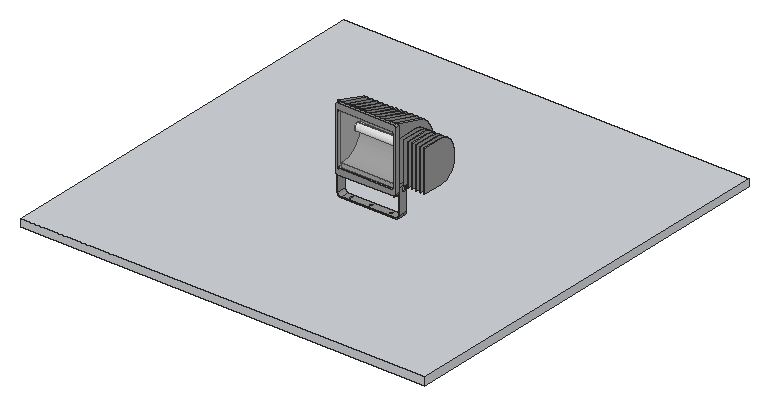
Revit family "ARRN", category Lighting Fixtures, host Face, Revit 2014
Parameters (values of type "EVOD")
  Wings = Paint - Hubbell - Light Silver
  Width = 280.00 mm
  Watts = 150 W
  Wattage Comments = "150W"
  Wattage = 150 W
  Warranty = "5 years Warranty"  # constant formula
  built-in parameter 1150110 = 1 (stored number, unit not read)
  Voltage = 120 V
  URL = "https://www.hubbell.com/chalmit/en"
  built-in parameter 1114217 = 1 (stored number, unit not read)
  Tilt Angle = 0.00°  # constant formula
  built-in parameter 1150109 = 1 (stored number, unit not read)
  built-in parameter 1150134 = 3
  built-in parameter 1150113 = 1 (stored number, unit not read)
  Reflector Finish = Hubbell - White Glass
  Product Link = "https://www.hubbell.com/chalmit/en/Products/Lighting-Controls/Harsh-Hazardous-Lighting/Flood-Lighting/Evolution/p/866079"
  Product Documentation Link = "https://hubbellcdn.com/specsheet/CHL_EVOLUTION_FLOODLIGHT.pdf"
  Power Factor = 1
  Photometric Web File = "CHL_EVPD_250_MS HPS.ies"
  Pendent Height [instance] = 97.00 mm
  built-in parameter 1150142 = "IESNA:LM-63-1995\r\n[TEST]42/12251a/05.96       42 Partners\r\n[DATE]MAY-96\r\n[MANUFAC]Chalmit Lighting\r\n[LUMCAT]EVPD/250/MS\r\n[LUMINAIRE]Evolution Wide Beam Pendant High Bay\r\n[LAMP]250W SON-T\r\n[_LUMTYPE]High Bay\r\n[_LAMPTYPE]HID\r\n[_LAMPMORE]Clear Tubular High Pressure Sodium, E40\r\n[_HAZRATING]Zone 1, Zone 21\r\n[_HAZPRO]Ex d, Ex e, ATEX, GOST, CSA, CEPEL, TIS, IEC\r\n[_ENVIRORATING]IP66, IP67\r\n[_AMBIENT]-20Â°C to +40Â°C (T4), -20Â°C to +55Â°C (T3)\r\n[_MOUNT]Surface, Suspended\r\n[_DRAWFILE]EVPD.dwg\r\n[_KEYWORDS]HPS\r\nFaceted Hammer finish reflector\r\n \r\nTILT=NONE\r\n1 28000 1 53 19 2 2 0.35 0.33 0.0\r\n1 1 285\r\n-90 -85 -80 -75 -70 -65 -60 -55 -50 -45 -40 -35 -30 -25 -20 -15 -10 -9 -8 -7 -6\r\n -5 -4 -3 -2 -1 0 1 2 3 4 5 6 7 8 9 10 15 20 25 30 35 40 45 50 55 60 65 70 75\r\n 80 85 90\r\n0 5 10 15 20 25 30 35 40 45 50 55 60 65 70 75 80 85 90\r\n0 0 56 84 112 140 224 308 560 1792 2492 5964 8372 9828 11676 13020 14336 14560\r\n 14756 14924 15092 15288 15400 15512 15568 15596 15624 15596 15568 15512 15400\r\n 15288 15092 14924 14756 14560 14336 13020 11676 9828 8372 5964 2492 1792 560\r\n 308 224 140 112 84 56 0 0\r\n0 0 56 84 112 140 224 308 560 1764 2492 5964 8288 9884 11676 13104 14420 14616\r\n 14840 15008 15120 15288 15428 15596 15652 15624 15596 15624 15652 15596 15428\r\n 15288 15120 15008 14840 14616 14420 13104 11676 9884 8288 5964 2492 1764 560\r\n 308 224 140 112 84 56 0 0\r\n0 0 56 84 112 140 224 280 504 1624 2380 5572 7868 9436 11172 12516 13804 14000\r\n 14196 14364 14560 14700 14840 15008 15064 15036 15036 15036 15064 15008 14840\r\n 14700 14560 14364 14196 14000 13804 12516 11172 9436 7868 5572 2380 1624 504\r\n 280 224 140 112 84 56 0 0\r\n0 0 56 84 112 140 196 280 448 1428 2184 5012 7308 8932 10556 11872 13104 13356\r\n 13580 13720 13916 14056 14196 14364 14420 14420 14392 14420 14420 14364 14196\r\n 14056 13916 13720 13580 13356 13104 11872 10556 8932 7308 5012 2184 1428 448\r\n 280 196 140 112 84 56 0 0\r\n0 0 28 84 112 140 196 252 392 1148 1932 4284 6664 8344 9912 11172 12320 12516\r\n 12712 12908 13104 13272 13412 13552 13636 13608 13608 13608 13636 13552 13412\r\n 13272 13104 12908 12712 12516 12320 11172 9912 8344 6664 4284 1932 1148 392\r\n 252 196 140 112 84 28 0 0\r\n0 0 28 84 112 140 168 224 336 840 1624 3416 5796 7392 8736 9744 10612 10780\r\n 10920 11060 11200 11340 11452 11564 11620 11592 11760 11592 11620 11564 11452\r\n 11340 11200 11060 10920 10780 10612 9744 8736 7392 5796 3416 1624 840 336 224\r\n 168 140 112 84 28 0 0\r\n0 0 28 84 112 140 168 224 280 532 1176 2324 4620 5936 6972 7532 7924 7980 8064\r\n 8148 8176 8260 8288 8344 8372 8372 8344 8372 8372 8344 8288 8260 8176 8148\r\n 8064 7980 7924 7532 6972 5936 4620 2324 1176 532 280 224 168 140 112 84 28 0 0\r\n0 0 28 84 112 112 140 196 252 336 728 1288 2492 4172 4816 4956 4956 4956 4984\r\n 4984 4984 5012 5012 5012 5012 5012 5012 5012 5012 5012 5012 5012 4984 4984\r\n 4984 4956 4956 4956 4816 4172 2492 1288 728 336 252 196 140 112 112 84 28 0 0\r\n0 0 28 56 112 112 140 168 196 252 420 728 1092 2212 2828 3024 3024 3024 3052\r\n 3052 3052 3052 3080 3080 3080 3080 3080 3080 3080 3080 3080 3052 3052 3052\r\n 3052 3024 3024 3024 2828 2212 1092 728 420 252 196 168 140 112 112 56 28 0 0\r\n0 0 28 56 84 112 140 140 168 196 252 364 532 868 1428 1652 1736 1736 1764 1764\r\n 1764 1764 1764 1764 1764 1764 1764 1764 1764 1764 1764 1764 1764 1764 1764\r\n 1736 1736 1652 1428 868 532 364 252 196 168 140 140 112 84 56 28 0 0\r\n0 0 28 56 84 112 112 140 140 168 196 252 308 392 532 784 924 924 924 924 924\r\n 924 924 896 896 896 896 896 896 896 924 924 924 924 924 924 924 784 532 392\r\n 308 252 196 168 140 140 112 112 84 56 28 0 0\r\n0 0 0 28 56 84 112 112 140 140 168 196 224 252 308 364 476 504 504 504 504 504\r\n 504 476 476 476 476 476 476 476 504 504 504 504 504 504 476 364 308 252 224\r\n 196 168 140 140 112 112 84 56 28 0 0 0\r\n0 0 0 28 56 84 84 112 112 112 140 140 168 168 196 224 280 280 308 308 308 308\r\n 280 308 280 280 280 280 280 308 280 308 308 308 308 280 280 224 196 168 168\r\n 140 140 112 112 112 84 84 56 28 0 0 0\r\n0 0 0 28 28 56 84 84 112 112 112 112 140 140 140 168 168 168 196 196 196 196\r\n 196 168 168 196 196 196 168 168 196 196 196 196 196 168 168 168 140 140 140\r\n 112 112 112 112 84 84 56 28 28 0 0 0\r\n0 0 0 0 28 28 56 56 84 84 84 112 112 112 112 112 112 112 140 140 140 140 140\r\n 140 140 140 140 140 140 140 140 140 140 140 140 112 112 112 112 112 112 112 84\r\n 84 84 56 56 28 28 0 0 0 0\r\n0 0 0 0 0 28 28 28 56 56 56 84 84 84 84 84 84 84 84 84 84 84 84 84 84 84 84 84\r\n 84 84 84 84 84 84 84 84 84 84 84 84 84 84 56 56 56 28 28 28 0 0 0 0 0\r\n0 0 0 0 0 0 0 0 28 28 28 28 56 56 56 56 56 56 56 56 56 56 56 56 56 56 56 56 56\r\n 56 56 56 56 56 56 56 56 56 56 56 56 28 28 28 28 0 0 0 0 0 0 0 0\r\n0 0 0 0 0 0 0 0 0 0 0 0 0 0 28 28 28 28 28 28 28 28 28 28 28 28 28 28 28 28 28\r\n 28 28 28 28 28 28 28 28 0 0 0 0 0 0 0 0 0 0 0 0 0 0\r\n0 0 0 0 0 0 0 0 0 0 0 0 0 0 0 0 0 0 0 0 0 0 0 0 0 0 0 0 0 0 0 0 0 0 0 0 0 0 0 0\r\n 0 0 0 0 0 0 0 0 0 0 0 0 0\r\n\u0002\b\u0004\b\u0004\b\u000f\b\r\n"
  Mounting = Paint - Hubbell - Light Silver
  Model = "EVOD"
  Manufacturer = "Chalmit"  # constant formula
  built-in parameter 1150105 = 1193.7 (stored number, unit not read)
  Lumens = 15000 lm
  built-in parameter 1150115 = 1 (stored number, unit not read)
  Load Classification = Lighting
  built-in parameter 1150137 = (empty or 0)
  built-in parameter 1150139 = (empty or 0)
  Length = 375.00 mm
  built-in parameter 1150112 = 1 (stored number, unit not read)
  built-in parameter 1150114 = 1 (stored number, unit not read)
  Lamp = "LED"  # constant formula
  built-in parameter 1150132 = (empty or 0)
  built-in parameter 1150102 = (empty or 0)
  built-in parameter 1150107 = 3200 (stored number, unit not read)
  built-in parameter 1150138 = (empty or 0)
  built-in parameter 1150106 = 11.937 (stored number, unit not read)
  IP Rating = "IP66/67"  # constant formula
  Housing Material = Paint - Hubbell - Light Silver
  Glass = Hubbell - Glass
  Fixture distribution = "Direct"  # constant formula
  Features = "Installation in gas groups\r\nIIA, IIB and IIC\r\nEasy and quick access\r\nfor maintenance\r\nSimple, rapid lamp replacement\r\nand flamepath inspection\r\nReduced maintenance due to\r\nno exposed flamepath\r\nExceptional photometric\r\nefficiency\r\nEffective light distribution\r\nfor many applications\r\nTimed ignitor supplied as standard"  # constant formula
  Emit from Rectangle Width = Length - 80.00 mm  # 295.00 mm
  Emit from Rectangle Length = 300.00 mm  # constant formula
  Emit Shape Visible in Rendering = no
  built-in parameter 1150104 = 9.2903 (stored number, unit not read)
  Height = 520.00 mm
  Dimming Lamp Color Temperature Shift = <None>
  Description = "The Evolution is a highly efficient floodlight that combines Ex de protection with optimised utilisation of light through advanced reflector design. The Evolution concept has no exposed flamepaths making the luminaire effectively maintenance free. Access to the lamp and terminal chamber is achieved by the unscrewing of a single captive bolt."  # constant formula
  Default Elevation = 1219.20 mm
  Copyright = " ©2020 Chalmit, a division of Hubbell Lighting, Inc"  # constant formula
  Contact = "https://www.hubbell.com/chalmit/en/contactUs"
  Connector Description = "Lighting Connector"  # constant formula
  Color Filter = 16777215
  built-in parameter 1114218 = 1 (stored number, unit not read)
  built-in parameter 1150133 = 10 (stored number, unit not read)
  Assembly Code = "D5020200"
  Apparent Load = Watts / Power Factor  # 150 VA
Reference planes
  plane 1 "Center (Front/Back)": y = 0
  plane 2: z = 14.125
  plane 3 "Center (Left/Right)": x = 0
  plane 4: z = 534.125
  plane 5: z = -150.375
  plane 6: y = 140
  plane 7: y = -140
  plane 8: x = 187.5
  plane 9: x = -187.5
  plane 10: z = 224.125
  plane 11: x = 342.5
Forms (mm)
  Extrusion 1, solid
    sketch origin (0, 0, 0) x (1, 0, 0) y (0, 1, 0)
      loop
        line (-1219.2, 1219.2) -> (-1219.2, -1219.2) -> (1219.2, -1219.2) -> (1219.2, 1219.2) -> (-1219.2, 1219.2)
    from 14.125 to -31.75
  Sweep 2, solid, material "Paint - Hubbell - Light Silver" <- "Housing Material"
    path origin (0, 0, 0) x (1, 0, 0) y (0, 0, 1)
      loop
        line (-187.5, 189.125) -> (-187.5, 39.125)
        arc (-187.5, 39.125) -> (-180.178, 21.447) -> (-162.5, 14.125) r 25
        line (-162.5, 14.125) -> (0, 14.125) -> (162.5, 14.125)
        arc (162.5, 14.125) -> (180.178, 21.447) -> (187.5, 39.125) r 25
        line (187.5, 39.125) -> (187.5, 189.125)
    profile origin (-187.5, 0, 114.125) x (0, -1, 0) y (1, 0, 0)
      loop
        line (95, 0) -> (120, 0) -> (120, 5) -> (70, 5) -> (70, 0) -> (95, 0)
  Revolve 3, solid, material "Paint - Hubbell - Light Silver" <- "Housing Material"
    sketch origin (-16.179, 1.072, 219.129) x (1, 0, 0) y (0, 1, 0)
      loop
        line (182.518, 0) -> (191.586, 0) -> (191.586, 7.246)
        arc (191.586, 7.246) -> (191.374, 7.757) -> (190.863, 7.969) r 0.723
        line (190.863, 7.969) -> (182.518, 7.969) -> (182.518, 0)
      axis (191.586, 0) -> (182.518, 0)
    angle from 0 to 360
  Extrusion 4, void
    sketch origin (0, -96.25, 0) x (1, 0, 0) y (0, 1, 0)
      loop
        circle (0, 0) r 6.5
      loop
        circle (-120, 0) r 6.5
      loop
        circle (120, 0) r 6.5
    from 14.125 to 19.125
  Revolve 5, solid, material "Paint - Hubbell - Light Silver" <- "Mounting"
    sketch origin (17.877, 1.072, 219.129) x (-1, 0, 0) y (0, -1, 0)
      loop
        line (182.518, 0) -> (182.518, -7.969) -> (190.863, -7.969)
        arc (190.863, -7.969) -> (191.374, -7.757) -> (191.586, -7.246) r 0.723
        line (191.586, -7.246) -> (191.586, 0) -> (182.518, 0)
      axis (191.586, 0) -> (182.518, 0)
    angle from 0 to 360
  Extrusion 6, solid, material "Paint - Hubbell - Light Silver" <- "Housing Material"
    sketch origin (0, -72, 10) x (1, 0, 0) y (0, 0, 1)
      loop
        line (-169.966, 136.625) -> (167.5, 136.625)
        arc (167.5, 136.625) -> (178.107, 141.018) -> (182.5, 151.625) r 15
        line (182.5, 151.625) -> (182.5, 511.625)
        arc (182.5, 511.625) -> (179.571, 518.696) -> (172.5, 521.625) r 10
        line (172.5, 521.625) -> (-167.5, 521.625)
        arc (-167.5, 521.625) -> (-178.107, 517.232) -> (-182.5, 506.625) r 15
        line (-182.5, 506.625) -> (-182.5, 149.159)
        arc (-182.5, 149.159) -> (-178.829, 140.296) -> (-169.966, 136.625) r 12.534
      loop
        line (152.5, 486.625) -> (-160.153, 486.625)
        arc (-160.153, 486.625) -> (-165.348, 484.473) -> (-167.5, 479.278) r 7.347
        line (-167.5, 479.278) -> (-167.5, 179.125)
        arc (-167.5, 179.125) -> (-164.571, 172.054) -> (-157.5, 169.125) r 10
        line (-157.5, 169.125) -> (157.5, 169.125)
        arc (157.5, 169.125) -> (164.571, 172.054) -> (167.5, 179.125) r 10
        line (167.5, 179.125) -> (167.5, 471.625)
        arc (167.5, 471.625) -> (163.107, 482.232) -> (152.5, 486.625) r 15
    from 48.217 to 68
  Extrusion 7, solid, material "Paint - Hubbell - Light Silver" <- "Housing Material"
    sketch origin (0, 0, 0) x (0, 1, 0) y (0, 0, 1)
      loop
        line (-120.217, 534.125) -> (-120.217, 141.625) -> (43.956, 185.615)
        arc (43.956, 185.615) -> (70.733, 196.863) -> (93.508, 214.886) r 107.202
        arc (93.508, 214.886) -> (141.397, 350.361) -> (71.044, 475.651) r 173.973
        line (71.044, 475.651) -> (-120.217, 534.125)
    from -182.5 to 182.5
  Extrusion 8, void
    sketch origin (0, 0, 0) x (0, 1, 0) y (0, 0, 1)
      loop
        line (-120.217, 534.125) -> (-120.217, 504.125) -> (112.018, 433.123)
        arc (112.018, 433.123) -> (93.349, 456.138) -> (71.044, 475.651) r 173.973
        line (71.044, 475.651) -> (-120.217, 534.125)
      loop
        line (-120.217, 171.625) -> (-120.217, 141.625) -> (43.956, 185.615)
        arc (43.956, 185.615) -> (70.733, 196.863) -> (93.508, 214.886) r 107.202
        arc (93.508, 214.886) -> (105.506, 228.768) -> (115.976, 243.836) r 173.973
        line (115.976, 243.836) -> (-120.217, 171.625)
    from 136.694 to 162.973
  Extrusion 9, void
    sketch origin (-29.646, 0, 0) x (0, 1, 0) y (0, 0, 1)
      loop
        line (-120.217, 534.125) -> (-120.217, 504.125) -> (112.018, 433.123)
        arc (112.018, 433.123) -> (93.349, 456.138) -> (71.044, 475.651) r 173.973
        line (71.044, 475.651) -> (-120.217, 534.125)
      loop
        line (-120.217, 171.625) -> (-120.217, 141.625) -> (43.956, 185.615)
        arc (43.956, 185.615) -> (70.733, 196.863) -> (93.508, 214.886) r 107.202
        arc (93.508, 214.886) -> (105.506, 228.768) -> (115.976, 243.836) r 173.973
        line (115.976, 243.836) -> (-120.217, 171.625)
    from 136.694 to 162.973
  Extrusion 10, void
    sketch origin (-59.292, 0, 0) x (0, 1, 0) y (0, 0, 1)
      loop
        line (-120.217, 534.125) -> (-120.217, 504.125) -> (112.018, 433.123)
        arc (112.018, 433.123) -> (93.349, 456.138) -> (71.044, 475.651) r 173.973
        line (71.044, 475.651) -> (-120.217, 534.125)
      loop
        line (-120.217, 171.625) -> (-120.217, 141.625) -> (43.956, 185.615)
        arc (43.956, 185.615) -> (70.733, 196.863) -> (93.508, 214.886) r 107.202
        arc (93.508, 214.886) -> (105.506, 228.768) -> (115.976, 243.836) r 173.973
        line (115.976, 243.836) -> (-120.217, 171.625)
    from 136.694 to 162.973
  Extrusion 11, void
    sketch origin (-88.938, 0, 0) x (0, 1, 0) y (0, 0, 1)
      loop
        line (-120.217, 534.125) -> (-120.217, 504.125) -> (112.018, 433.123)
        arc (112.018, 433.123) -> (93.349, 456.138) -> (71.044, 475.651) r 173.973
        line (71.044, 475.651) -> (-120.217, 534.125)
      loop
        line (-120.217, 171.625) -> (-120.217, 141.625) -> (43.956, 185.615)
        arc (43.956, 185.615) -> (70.733, 196.863) -> (93.508, 214.886) r 107.202
        arc (93.508, 214.886) -> (105.506, 228.768) -> (115.976, 243.836) r 173.973
        line (115.976, 243.836) -> (-120.217, 171.625)
    from 136.694 to 162.973
  Extrusion 12, void
    sketch origin (-118.584, 0, 0) x (0, 1, 0) y (0, 0, 1)
      loop
        line (-120.217, 534.125) -> (-120.217, 504.125) -> (112.018, 433.123)
        arc (112.018, 433.123) -> (93.349, 456.138) -> (71.044, 475.651) r 173.973
        line (71.044, 475.651) -> (-120.217, 534.125)
      loop
        line (-120.217, 171.625) -> (-120.217, 141.625) -> (43.956, 185.615)
        arc (43.956, 185.615) -> (70.733, 196.863) -> (93.508, 214.886) r 107.202
        arc (93.508, 214.886) -> (105.506, 228.768) -> (115.976, 243.836) r 173.973
        line (115.976, 243.836) -> (-120.217, 171.625)
    from 136.694 to 162.973
  Extrusion 13, void
    sketch origin (-148.229, 0, 0) x (0, 1, 0) y (0, 0, 1)
      loop
        line (-120.217, 534.125) -> (-120.217, 504.125) -> (112.018, 433.123)
        arc (112.018, 433.123) -> (93.349, 456.138) -> (71.044, 475.651) r 173.973
        line (71.044, 475.651) -> (-120.217, 534.125)
      loop
        line (-120.217, 171.625) -> (-120.217, 141.625) -> (43.956, 185.615)
        arc (43.956, 185.615) -> (70.733, 196.863) -> (93.508, 214.886) r 107.202
        arc (93.508, 214.886) -> (105.506, 228.768) -> (115.976, 243.836) r 173.973
        line (115.976, 243.836) -> (-120.217, 171.625)
    from 136.694 to 162.973
  Extrusion 14, void
    sketch origin (-177.875, 0, 0) x (0, 1, 0) y (0, 0, 1)
      loop
        line (-120.217, 534.125) -> (-120.217, 504.125) -> (112.018, 433.123)
        arc (112.018, 433.123) -> (93.349, 456.138) -> (71.044, 475.651) r 173.973
        line (71.044, 475.651) -> (-120.217, 534.125)
      loop
        line (-120.217, 171.625) -> (-120.217, 141.625) -> (43.956, 185.615)
        arc (43.956, 185.615) -> (70.733, 196.863) -> (93.508, 214.886) r 107.202
        arc (93.508, 214.886) -> (105.506, 228.768) -> (115.976, 243.836) r 173.973
        line (115.976, 243.836) -> (-120.217, 171.625)
    from 136.694 to 162.973
  Extrusion 15, void
    sketch origin (-207.521, 0, 0) x (0, 1, 0) y (0, 0, 1)
      loop
        line (-120.217, 534.125) -> (-120.217, 504.125) -> (112.018, 433.123)
        arc (112.018, 433.123) -> (93.349, 456.138) -> (71.044, 475.651) r 173.973
        line (71.044, 475.651) -> (-120.217, 534.125)
      loop
        line (-120.217, 171.625) -> (-120.217, 141.625) -> (43.956, 185.615)
        arc (43.956, 185.615) -> (70.733, 196.863) -> (93.508, 214.886) r 107.202
        arc (93.508, 214.886) -> (105.506, 228.768) -> (115.976, 243.836) r 173.973
        line (115.976, 243.836) -> (-120.217, 171.625)
    from 136.694 to 162.973
  Extrusion 16, void
    sketch origin (-237.167, 0, 0) x (0, 1, 0) y (0, 0, 1)
      loop
        line (-120.217, 534.125) -> (-120.217, 504.125) -> (112.018, 433.123)
        arc (112.018, 433.123) -> (93.349, 456.138) -> (71.044, 475.651) r 173.973
        line (71.044, 475.651) -> (-120.217, 534.125)
      loop
        line (-120.217, 171.625) -> (-120.217, 141.625) -> (43.956, 185.615)
        arc (43.956, 185.615) -> (70.733, 196.863) -> (93.508, 214.886) r 107.202
        arc (93.508, 214.886) -> (105.506, 228.768) -> (115.976, 243.836) r 173.973
        line (115.976, 243.836) -> (-120.217, 171.625)
    from 136.694 to 162.973
  Extrusion 17, void
    sketch origin (-266.813, 0, 0) x (0, 1, 0) y (0, 0, 1)
      loop
        line (-120.217, 534.125) -> (-120.217, 504.125) -> (112.018, 433.123)
        arc (112.018, 433.123) -> (93.349, 456.138) -> (71.044, 475.651) r 173.973
        line (71.044, 475.651) -> (-120.217, 534.125)
      loop
        line (-120.217, 171.625) -> (-120.217, 141.625) -> (43.956, 185.615)
        arc (43.956, 185.615) -> (70.733, 196.863) -> (93.508, 214.886) r 107.202
        arc (93.508, 214.886) -> (105.506, 228.768) -> (115.976, 243.836) r 173.973
        line (115.976, 243.836) -> (-120.217, 171.625)
    from 136.694 to 162.973
  Extrusion 18, void
    sketch origin (-296.459, 0, 0) x (0, 1, 0) y (0, 0, 1)
      loop
        line (-120.217, 534.125) -> (-120.217, 504.125) -> (112.018, 433.123)
        arc (112.018, 433.123) -> (93.349, 456.138) -> (71.044, 475.651) r 173.973
        line (71.044, 475.651) -> (-120.217, 534.125)
      loop
        line (-120.217, 171.625) -> (-120.217, 141.625) -> (43.956, 185.615)
        arc (43.956, 185.615) -> (70.733, 196.863) -> (93.508, 214.886) r 107.202
        arc (93.508, 214.886) -> (105.506, 228.768) -> (115.976, 243.836) r 173.973
        line (115.976, 243.836) -> (-120.217, 171.625)
    from 136.694 to 162.973
  Extrusion 19, solid, material "Paint - Hubbell - Light Silver" <- "Housing Material"
    sketch origin (0, 0, 0) x (0, 1, 0) y (0, 0, 1)
      loop
        line (-120.217, 457.733) -> (-120.217, 211.354) -> (-4.187, 211.354)
        arc (-4.187, 211.354) -> (57.423, 232.587) -> (92.87, 287.269) r 100
        arc (92.87, 287.269) -> (96.606, 354.361) -> (75.495, 418.155) r 180.144
        arc (75.495, 418.155) -> (40.298, 447.294) -> (-4.187, 457.733) r 100
        line (-4.187, 457.733) -> (-120.217, 457.733)
    from 187.5 to 342.5
  Sweep 20, void
    path origin (0, 0, 0) x (0, 1, 0) y (0, 0, 1)
      loop
        line (-4.187, 457.733) -> (-120.217, 457.733) -> (-120.217, 211.354) -> (-4.187, 211.354)
        arc (-4.187, 211.354) -> (57.423, 232.587) -> (92.87, 287.269) r 100
        arc (92.87, 287.269) -> (96.606, 354.361) -> (75.495, 418.155) r 180.144
        arc (75.495, 418.155) -> (40.298, 447.294) -> (-4.187, 457.733) r 100
    profile origin (0, -62.202, 457.733) x (0, 0, -1) y (1, 0, 0)
      loop
        line (0, 191.25) -> (20, 191.25) -> (20, 211.25) -> (0, 211.25) -> (0, 191.25)
      loop
        line (0, 216.25) -> (20, 216.25) -> (20, 236.25) -> (0, 236.25) -> (0, 216.25)
      loop
        line (0, 241.25) -> (20, 241.25) -> (20, 261.25) -> (0, 261.25) -> (0, 241.25)
      loop
        line (0, 266.25) -> (20, 266.25) -> (20, 286.25) -> (0, 286.25) -> (0, 266.25)
      loop
        line (0, 291.25) -> (20, 291.25) -> (20, 311.25) -> (0, 311.25) -> (0, 291.25)
      loop
        line (0, 316.25) -> (20, 316.25) -> (20, 336.25) -> (0, 336.25) -> (0, 316.25)
  Extrusion 21, void
    sketch origin (0, 0, 0) x (0, 1, 0) y (0, 0, 1)
      loop
        line (-120.217, 491.625) -> (-120.217, 201.625)
        arc (-120.217, 201.625) -> (24.783, 346.625) -> (-120.217, 491.625) r 145
    from -164.641 to 166.34
  Revolve 22, solid, material "Hubbell - White Glass" <- "Reflector Finish"
    sketch origin (0, 0, 0) x (1, 0, 0) y (0, 0, 1)
      loop
        line (-164.641, 346.625) -> (166.34, 346.625) -> (166.34, 356.625)
        arc (166.34, 356.625) -> (161.946, 367.232) -> (151.34, 371.625) r 15
        line (151.34, 371.625) -> (-154.641, 371.625)
        arc (-154.641, 371.625) -> (-161.713, 368.696) -> (-164.641, 361.625) r 10
        line (-164.641, 361.625) -> (-164.641, 346.625)
      axis (-164.641, 346.625) -> (166.34, 346.625)
    angle from 0 to 360
  Extrusion 23, solid, material "Hubbell - Glass" <- "Glass"
    sketch origin (0, 0, 0) x (1, 0, 0) y (0, 0, 1)
      loop
        arc (-160.153, 496.625) -> (-165.348, 494.473) -> (-167.5, 489.278) r 7.347
        line (-167.5, 489.278) -> (-167.5, 189.125)
        arc (-167.5, 189.125) -> (-164.571, 182.054) -> (-157.5, 179.125) r 10
        line (-157.5, 179.125) -> (157.5, 179.125)
        arc (157.5, 179.125) -> (164.571, 182.054) -> (167.5, 189.125) r 10
        line (167.5, 189.125) -> (167.5, 481.625)
        arc (167.5, 481.625) -> (163.107, 492.232) -> (152.5, 496.625) r 15
        line (152.5, 496.625) -> (-160.153, 496.625)
    from 120 to 130.091
  Revolve 24, solid, material "Paint - Hubbell - Light Silver" <- "Housing Material"
    sketch origin (0, 0, 175) x (1, 0, 0) y (0, 1, 0)
      loop
        line (-187.5, -95) -> (-187.5, -85) -> (-193.655, -85)
        arc (-193.655, -85) -> (-196.374, -86.126) -> (-197.5, -88.845) r 3.845
        line (-197.5, -88.845) -> (-197.5, -95) -> (-187.5, -95)
      axis (-187.5, -95) -> (-197.5, -95)
    angle from 0 to 360
  Revolve 25, solid, material "Paint - Hubbell - Light Silver" <- "Housing Material"
    sketch origin (0, 0, 175) x (-1, 0, 0) y (0, -1, 0)
      loop
        line (-187.5, 95) -> (-197.5, 95) -> (-197.5, 88.845)
        arc (-197.5, 88.845) -> (-196.374, 86.126) -> (-193.655, 85) r 3.845
        line (-193.655, 85) -> (-187.5, 85) -> (-187.5, 95)
      axis (-187.5, 95) -> (-197.5, 95)
    angle from 0 to 360
Cuts and joins
  Extrusion 4 cuts Sweep 2
  joined: Sweep 2, Revolve 3
  Extrusion 8, Extrusion 9, Extrusion 10, Extrusion 11, Extrusion 12, Extrusion 13, Extrusion 14, Extrusion 15, Extrusion 16, Extrusion 17, Extrusion 18, Extrusion 21 cuts Extrusion 7
  Extrusion 9, Extrusion 10, Extrusion 11, Extrusion 12, Extrusion 13, Extrusion 14, Extrusion 15, Extrusion 16, Extrusion 17, Extrusion 18, Extrusion 21 cuts Extrusion 6
  Sweep 20, Extrusion 21 cuts Extrusion 19
Dimensions and locks
  "Height": plane 2 to plane 4
  plane 2 to plane 5 = 164.50 mm
  "Length": plane 8 to plane 9
  equal spacing: plane 8, plane 3 "Center (Left/Right)", plane 9
  "Width": plane 6 to plane 7
  equal spacing: plane 6, plane 1 "Center (Front/Back)", plane 7
  aligned and locked: plane 2 to Extrusion 1
  aligned and locked: cut or joined group of Sweep 2, Revolve 3, Extrusion 4 to Extrusion 4  (x2)
  aligned and locked: plane 11 to Extrusion 19
  aligned and locked: Extrusion 23 to cut or joined group of Sweep 2, Revolve 3, Extrusion 4
Automatic sketch dimensions
  Extrusion 1 sketch curve to Extrusion 1 sketch curve = 2438.40 mm  (x2)
  Sweep 2 sketch curve to plane 9 = 0.00 mm
  Sweep 2 sketch curve to plane 2 = 0.00 mm
  Sweep 2 sketch curve to plane 3 "Center (Left/Right)" = 0.00 mm
  Sweep 2 sketch curve to plane 8 = 0.00 mm
  plane 2 to Sweep 2 sketch curve = 25.00 mm  (x2)
  plane 10 to Sweep 2 sketch curve = 35.00 mm  (x2)
  Sweep 2 sketch curve to profile plane = 0.00 mm
  plane 1 "Center (Front/Back)" to Sweep 2 sketch curve = 70.00 mm
  Sweep 2 sketch curve to Sweep 2 sketch curve = 25.00 mm  (x2)
  Sweep 2 sketch curve to profile plane = 5.00 mm
  Revolve 3 sketch curve to plane 1 "Center (Front/Back)" = 9.041 mm
  Revolve 3 sketch curve to plane 8 = 21.16 mm
  Revolve 3 sketch curve to Revolve 3 sketch curve = 8.344 mm
  Revolve 3 sketch curve to plane 1 "Center (Front/Back)" = 1.072 mm  (x2)
  Revolve 3 sketch curve to Revolve 3 sketch curve = 0.723 mm
  Revolve 3 sketch curve to Revolve 3 sketch curve = 25.018 mm
  Revolve 3 sketch curve to Revolve 3 sketch curve = 4.086 mm
  Extrusion 4 sketch curve to plane 3 "Center (Left/Right)" = 0.00 mm
  plane 9 to Extrusion 4 sketch curve = 67.50 mm
  Extrusion 4 sketch curve to plane 8 = 67.50 mm
  Extrusion 4 sketch curve to plane 7 = 43.75 mm  (x3)
  Revolve 5 sketch curve to plane 1 "Center (Front/Back)" = 9.041 mm
  plane 9 to Revolve 5 sketch curve = 22.859 mm
  Revolve 5 sketch curve to Revolve 5 sketch curve = 8.344 mm
  Revolve 5 sketch curve to plane 1 "Center (Front/Back)" = 1.072 mm  (x2)
  Revolve 5 sketch curve to Revolve 5 sketch curve = 0.723 mm
  Revolve 5 sketch curve to Revolve 5 sketch curve = 25.018 mm
  Revolve 5 sketch curve to Revolve 5 sketch curve = 4.086 mm
  plane 9 to Extrusion 6 sketch curve = 5.00 mm
  Extrusion 6 sketch curve to Extrusion 6 sketch curve = 12.534 mm
  Extrusion 6 sketch curve to plane 4 = 2.50 mm
  plane 9 to Extrusion 6 sketch curve = 20.00 mm  (x2)
  Extrusion 6 sketch curve to Extrusion 6 sketch curve = 7.347 mm
  Extrusion 6 sketch curve to Extrusion 6 sketch curve = 10.00 mm  (x2)
  Extrusion 6 sketch curve to plane 8 = 35.00 mm
  Extrusion 6 sketch curve to plane 8 = 30.00 mm
  Extrusion 6 sketch curve to plane 8 = 20.00 mm
  Extrusion 6 sketch curve to plane 8 = 15.00 mm
  Extrusion 6 sketch curve to plane 8 = 5.00 mm
  Extrusion 6 sketch curve to Extrusion 6 sketch curve = 25.00 mm
  plane 10 to Extrusion 6 sketch curve = 35.00 mm
  Extrusion 6 sketch curve to Extrusion 6 sketch curve = 17.50 mm
  Extrusion 7 sketch curve to plane 4 = 0.00 mm
  Extrusion 7 sketch curve to plane 7 = 19.783 mm
  plane 1 "Center (Front/Back)" to Extrusion 7 sketch curve = 31.935 mm
  Extrusion 7 sketch curve to plane 1 "Center (Front/Back)" = 16.21 mm
  Extrusion 7 sketch curve to plane 1 "Center (Front/Back)" = 43.956 mm
  plane 6 to Extrusion 7 sketch curve = 68.956 mm
  Extrusion 7 sketch curve to plane 4 = 58.474 mm
  Extrusion 7 sketch curve to plane 10 = 111.304 mm
  Extrusion 7 sketch curve to plane 10 = 65.04 mm
  plane 10 to Extrusion 7 sketch curve = 38.51 mm
  plane 10 to Extrusion 7 sketch curve = 82.50 mm
  Extrusion 8 sketch curve to Extrusion 8 sketch curve = 0.00 mm  (x2)
  Extrusion 8 sketch curve to plane 4 = 0.00 mm
  Extrusion 8 sketch curve to plane 7 = 19.783 mm  (x2)
  plane 1 "Center (Front/Back)" to Extrusion 8 sketch curve = 31.935 mm
  Extrusion 8 sketch curve to plane 1 "Center (Front/Back)" = 16.21 mm
  Extrusion 8 sketch curve to plane 1 "Center (Front/Back)" = 43.956 mm
  plane 6 to Extrusion 8 sketch curve = 68.956 mm
  plane 6 to Extrusion 8 sketch curve = 27.982 mm
  plane 6 to Extrusion 8 sketch curve = 24.024 mm
  Extrusion 8 sketch curve to plane 4 = 30.00 mm
  Extrusion 8 sketch curve to plane 4 = 58.474 mm
  Extrusion 8 sketch curve to Extrusion 8 sketch curve = 42.527 mm
  Extrusion 8 sketch curve to plane 10 = 65.04 mm
  Extrusion 8 sketch curve to plane 10 = 19.711 mm
  plane 10 to Extrusion 8 sketch curve = 38.51 mm
  plane 10 to Extrusion 8 sketch curve = 52.50 mm
  Extrusion 8 sketch curve to Extrusion 8 sketch curve = 30.00 mm
  Extrusion 9 sketch curve to Extrusion 9 sketch curve = 0.00 mm  (x2)
  Extrusion 9 sketch curve to plane 4 = 0.00 mm
  Extrusion 9 sketch curve to plane 7 = 19.783 mm  (x2)
  plane 1 "Center (Front/Back)" to Extrusion 9 sketch curve = 31.935 mm
  Extrusion 9 sketch curve to plane 1 "Center (Front/Back)" = 16.21 mm
  Extrusion 9 sketch curve to plane 1 "Center (Front/Back)" = 43.956 mm
  plane 6 to Extrusion 9 sketch curve = 68.956 mm
  plane 6 to Extrusion 9 sketch curve = 27.982 mm
  plane 6 to Extrusion 9 sketch curve = 24.024 mm
  Extrusion 9 sketch curve to plane 4 = 30.00 mm
  Extrusion 9 sketch curve to plane 4 = 58.474 mm
  Extrusion 9 sketch curve to Extrusion 9 sketch curve = 42.527 mm
  Extrusion 9 sketch curve to plane 10 = 65.04 mm
  Extrusion 9 sketch curve to plane 10 = 19.711 mm
  plane 10 to Extrusion 9 sketch curve = 38.51 mm
  plane 10 to Extrusion 9 sketch curve = 52.50 mm
  Extrusion 9 sketch curve to Extrusion 9 sketch curve = 30.00 mm
  Extrusion 10 sketch curve to Extrusion 10 sketch curve = 0.00 mm  (x2)
  Extrusion 10 sketch curve to plane 4 = 0.00 mm
  Extrusion 10 sketch curve to plane 7 = 19.783 mm  (x2)
  plane 1 "Center (Front/Back)" to Extrusion 10 sketch curve = 31.935 mm
  Extrusion 10 sketch curve to plane 1 "Center (Front/Back)" = 16.21 mm
  Extrusion 10 sketch curve to plane 1 "Center (Front/Back)" = 43.956 mm
  plane 6 to Extrusion 10 sketch curve = 68.956 mm
  plane 6 to Extrusion 10 sketch curve = 27.982 mm
  plane 6 to Extrusion 10 sketch curve = 24.024 mm
  Extrusion 10 sketch curve to plane 4 = 30.00 mm
  Extrusion 10 sketch curve to plane 4 = 58.474 mm
  Extrusion 10 sketch curve to Extrusion 10 sketch curve = 42.527 mm
  Extrusion 10 sketch curve to plane 10 = 65.04 mm
  Extrusion 10 sketch curve to plane 10 = 19.711 mm
  plane 10 to Extrusion 10 sketch curve = 38.51 mm
  plane 10 to Extrusion 10 sketch curve = 52.50 mm
  Extrusion 10 sketch curve to Extrusion 10 sketch curve = 30.00 mm
  Extrusion 11 sketch curve to Extrusion 11 sketch curve = 0.00 mm  (x2)
  Extrusion 11 sketch curve to plane 4 = 0.00 mm
  Extrusion 11 sketch curve to plane 7 = 19.783 mm  (x2)
  plane 1 "Center (Front/Back)" to Extrusion 11 sketch curve = 31.935 mm
  Extrusion 11 sketch curve to plane 1 "Center (Front/Back)" = 16.21 mm
  Extrusion 11 sketch curve to plane 1 "Center (Front/Back)" = 43.956 mm
  plane 6 to Extrusion 11 sketch curve = 68.956 mm
  plane 6 to Extrusion 11 sketch curve = 27.982 mm
  plane 6 to Extrusion 11 sketch curve = 24.024 mm
  Extrusion 11 sketch curve to plane 4 = 30.00 mm
  Extrusion 11 sketch curve to plane 4 = 58.474 mm
  Extrusion 11 sketch curve to Extrusion 11 sketch curve = 42.527 mm
  Extrusion 11 sketch curve to plane 10 = 65.04 mm
  Extrusion 11 sketch curve to plane 10 = 19.711 mm
  plane 10 to Extrusion 11 sketch curve = 38.51 mm
  plane 10 to Extrusion 11 sketch curve = 52.50 mm
  Extrusion 11 sketch curve to Extrusion 11 sketch curve = 30.00 mm
  Extrusion 12 sketch curve to Extrusion 12 sketch curve = 0.00 mm  (x2)
  Extrusion 12 sketch curve to plane 4 = 0.00 mm
  Extrusion 12 sketch curve to plane 7 = 19.783 mm  (x2)
  plane 1 "Center (Front/Back)" to Extrusion 12 sketch curve = 31.935 mm
  Extrusion 12 sketch curve to plane 1 "Center (Front/Back)" = 16.21 mm
  Extrusion 12 sketch curve to plane 1 "Center (Front/Back)" = 43.956 mm
  plane 6 to Extrusion 12 sketch curve = 68.956 mm
  plane 6 to Extrusion 12 sketch curve = 27.982 mm
  plane 6 to Extrusion 12 sketch curve = 24.024 mm
  Extrusion 12 sketch curve to plane 4 = 30.00 mm
  Extrusion 12 sketch curve to plane 4 = 58.474 mm
  Extrusion 12 sketch curve to Extrusion 12 sketch curve = 42.527 mm
  Extrusion 12 sketch curve to plane 10 = 65.04 mm
  Extrusion 12 sketch curve to plane 10 = 19.711 mm
  plane 10 to Extrusion 12 sketch curve = 38.51 mm
  plane 10 to Extrusion 12 sketch curve = 52.50 mm
  Extrusion 12 sketch curve to Extrusion 12 sketch curve = 30.00 mm
  Extrusion 13 sketch curve to Extrusion 13 sketch curve = 0.00 mm  (x2)
  Extrusion 13 sketch curve to plane 4 = 0.00 mm
  Extrusion 13 sketch curve to plane 7 = 19.783 mm  (x2)
  plane 1 "Center (Front/Back)" to Extrusion 13 sketch curve = 31.935 mm
  Extrusion 13 sketch curve to plane 1 "Center (Front/Back)" = 16.21 mm
  Extrusion 13 sketch curve to plane 1 "Center (Front/Back)" = 43.956 mm
  plane 6 to Extrusion 13 sketch curve = 68.956 mm
  plane 6 to Extrusion 13 sketch curve = 27.982 mm
  plane 6 to Extrusion 13 sketch curve = 24.024 mm
  Extrusion 13 sketch curve to plane 4 = 30.00 mm
  Extrusion 13 sketch curve to plane 4 = 58.474 mm
  Extrusion 13 sketch curve to Extrusion 13 sketch curve = 42.527 mm
  Extrusion 13 sketch curve to plane 10 = 65.04 mm
  Extrusion 13 sketch curve to plane 10 = 19.711 mm
  plane 10 to Extrusion 13 sketch curve = 38.51 mm
  plane 10 to Extrusion 13 sketch curve = 52.50 mm
  Extrusion 13 sketch curve to Extrusion 13 sketch curve = 30.00 mm
  Extrusion 14 sketch curve to Extrusion 14 sketch curve = 0.00 mm  (x2)
  Extrusion 14 sketch curve to plane 4 = 0.00 mm
  Extrusion 14 sketch curve to plane 7 = 19.783 mm  (x2)
  plane 1 "Center (Front/Back)" to Extrusion 14 sketch curve = 31.935 mm
  Extrusion 14 sketch curve to plane 1 "Center (Front/Back)" = 16.21 mm
  Extrusion 14 sketch curve to plane 1 "Center (Front/Back)" = 43.956 mm
  plane 6 to Extrusion 14 sketch curve = 68.956 mm
  plane 6 to Extrusion 14 sketch curve = 27.982 mm
  plane 6 to Extrusion 14 sketch curve = 24.024 mm
  Extrusion 14 sketch curve to plane 4 = 30.00 mm
  Extrusion 14 sketch curve to plane 4 = 58.474 mm
  Extrusion 14 sketch curve to Extrusion 14 sketch curve = 42.527 mm
  Extrusion 14 sketch curve to plane 10 = 65.04 mm
  Extrusion 14 sketch curve to plane 10 = 19.711 mm
  plane 10 to Extrusion 14 sketch curve = 38.51 mm
  plane 10 to Extrusion 14 sketch curve = 52.50 mm
  Extrusion 14 sketch curve to Extrusion 14 sketch curve = 30.00 mm
  Extrusion 15 sketch curve to Extrusion 15 sketch curve = 0.00 mm  (x2)
  Extrusion 15 sketch curve to plane 4 = 0.00 mm
  Extrusion 15 sketch curve to plane 7 = 19.783 mm  (x2)
  plane 1 "Center (Front/Back)" to Extrusion 15 sketch curve = 31.935 mm
  Extrusion 15 sketch curve to plane 1 "Center (Front/Back)" = 16.21 mm
  Extrusion 15 sketch curve to plane 1 "Center (Front/Back)" = 43.956 mm
  plane 6 to Extrusion 15 sketch curve = 68.956 mm
  plane 6 to Extrusion 15 sketch curve = 27.982 mm
  plane 6 to Extrusion 15 sketch curve = 24.024 mm
  Extrusion 15 sketch curve to plane 4 = 30.00 mm
  Extrusion 15 sketch curve to plane 4 = 58.474 mm
  Extrusion 15 sketch curve to Extrusion 15 sketch curve = 42.527 mm
  Extrusion 15 sketch curve to plane 10 = 65.04 mm
  Extrusion 15 sketch curve to plane 10 = 19.711 mm
  plane 10 to Extrusion 15 sketch curve = 38.51 mm
  plane 10 to Extrusion 15 sketch curve = 52.50 mm
  Extrusion 15 sketch curve to Extrusion 15 sketch curve = 30.00 mm
  Extrusion 16 sketch curve to Extrusion 16 sketch curve = 0.00 mm  (x2)
  Extrusion 16 sketch curve to plane 4 = 0.00 mm
  Extrusion 16 sketch curve to plane 7 = 19.783 mm  (x2)
  plane 1 "Center (Front/Back)" to Extrusion 16 sketch curve = 31.935 mm
  Extrusion 16 sketch curve to plane 1 "Center (Front/Back)" = 16.21 mm
  Extrusion 16 sketch curve to plane 1 "Center (Front/Back)" = 43.956 mm
  plane 6 to Extrusion 16 sketch curve = 68.956 mm
  plane 6 to Extrusion 16 sketch curve = 27.982 mm
  plane 6 to Extrusion 16 sketch curve = 24.024 mm
  Extrusion 16 sketch curve to plane 4 = 30.00 mm
  Extrusion 16 sketch curve to plane 4 = 58.474 mm
  Extrusion 16 sketch curve to Extrusion 16 sketch curve = 42.527 mm
  Extrusion 16 sketch curve to plane 10 = 65.04 mm
  Extrusion 16 sketch curve to plane 10 = 19.711 mm
  plane 10 to Extrusion 16 sketch curve = 38.51 mm
  plane 10 to Extrusion 16 sketch curve = 52.50 mm
  Extrusion 16 sketch curve to Extrusion 16 sketch curve = 30.00 mm
  Extrusion 17 sketch curve to Extrusion 17 sketch curve = 0.00 mm  (x2)
  Extrusion 17 sketch curve to plane 4 = 0.00 mm
  Extrusion 17 sketch curve to plane 7 = 19.783 mm  (x2)
  plane 1 "Center (Front/Back)" to Extrusion 17 sketch curve = 31.935 mm
  Extrusion 17 sketch curve to plane 1 "Center (Front/Back)" = 16.21 mm
  Extrusion 17 sketch curve to plane 1 "Center (Front/Back)" = 43.956 mm
  plane 6 to Extrusion 17 sketch curve = 68.956 mm
  plane 6 to Extrusion 17 sketch curve = 27.982 mm
  plane 6 to Extrusion 17 sketch curve = 24.024 mm
  Extrusion 17 sketch curve to plane 4 = 30.00 mm
  Extrusion 17 sketch curve to plane 4 = 58.474 mm
  Extrusion 17 sketch curve to Extrusion 17 sketch curve = 42.527 mm
  Extrusion 17 sketch curve to plane 10 = 65.04 mm
  Extrusion 17 sketch curve to plane 10 = 19.711 mm
  plane 10 to Extrusion 17 sketch curve = 38.51 mm
  plane 10 to Extrusion 17 sketch curve = 52.50 mm
  Extrusion 17 sketch curve to Extrusion 17 sketch curve = 30.00 mm
  Extrusion 18 sketch curve to Extrusion 18 sketch curve = 0.00 mm  (x2)
  Extrusion 18 sketch curve to plane 4 = 0.00 mm
  Extrusion 18 sketch curve to plane 7 = 19.783 mm  (x2)
  plane 1 "Center (Front/Back)" to Extrusion 18 sketch curve = 31.935 mm
  Extrusion 18 sketch curve to plane 1 "Center (Front/Back)" = 16.21 mm
  Extrusion 18 sketch curve to plane 1 "Center (Front/Back)" = 43.956 mm
  plane 6 to Extrusion 18 sketch curve = 68.956 mm
  plane 6 to Extrusion 18 sketch curve = 27.982 mm
  plane 6 to Extrusion 18 sketch curve = 24.024 mm
  Extrusion 18 sketch curve to plane 4 = 30.00 mm
  Extrusion 18 sketch curve to plane 4 = 58.474 mm
  Extrusion 18 sketch curve to Extrusion 18 sketch curve = 42.527 mm
  Extrusion 18 sketch curve to plane 10 = 65.04 mm
  Extrusion 18 sketch curve to plane 10 = 19.711 mm
  plane 10 to Extrusion 18 sketch curve = 38.51 mm
  plane 10 to Extrusion 18 sketch curve = 52.50 mm
  Extrusion 18 sketch curve to Extrusion 18 sketch curve = 30.00 mm
  Extrusion 19 sketch curve to plane 7 = 19.783 mm
  Extrusion 19 sketch curve to plane 7 = 58.028 mm
  plane 1 "Center (Front/Back)" to Extrusion 19 sketch curve = 4.187 mm  (x2)
  plane 10 to Extrusion 19 sketch curve = 12.771 mm
  Extrusion 19 sketch curve to plane 10 = 87.229 mm
  Extrusion 19 sketch curve to Extrusion 19 sketch curve = 19.302 mm
  Extrusion 19 sketch curve to Extrusion 19 sketch curve = 46.379 mm
  Extrusion 19 sketch curve to plane 4 = 76.392 mm
  plane 6 to Extrusion 19 sketch curve = 64.505 mm
  Sweep 20 sketch curve to plane 7 = 19.783 mm
  Sweep 20 sketch curve to plane 7 = 58.028 mm
  plane 1 "Center (Front/Back)" to Sweep 20 sketch curve = 4.187 mm  (x2)
  plane 10 to Sweep 20 sketch curve = 12.771 mm
  Sweep 20 sketch curve to plane 10 = 87.229 mm
  Sweep 20 sketch curve to Sweep 20 sketch curve = 19.302 mm
  Sweep 20 sketch curve to Sweep 20 sketch curve = 46.379 mm
  Sweep 20 sketch curve to plane 4 = 76.392 mm
  plane 6 to Sweep 20 sketch curve = 64.505 mm
  Sweep 20 sketch curve to profile plane = 0.00 mm  (x6)
  Sweep 20 sketch curve to profile plane = 20.00 mm
  Sweep 20 sketch curve to Sweep 20 sketch curve = 0.00 mm  (x5)
  plane 3 "Center (Left/Right)" to Sweep 20 sketch curve = 191.25 mm
  Sweep 20 sketch curve to Sweep 20 sketch curve = 20.00 mm  (x6)
  Sweep 20 sketch curve to Sweep 20 sketch curve = 5.00 mm  (x5)
  Extrusion 21 sketch curve to plane 7 = 19.783 mm
  plane 10 to Extrusion 21 sketch curve = 22.50 mm
  Extrusion 21 sketch curve to plane 10 = 122.50 mm
  plane 9 to Revolve 22 sketch curve = 22.859 mm
  Revolve 22 sketch curve to Revolve 22 sketch curve = 10.00 mm  (x2)
  Revolve 22 sketch curve to plane 8 = 36.16 mm
  Revolve 22 sketch curve to Revolve 22 sketch curve = 15.00 mm
  Revolve 22 sketch curve to plane 10 = 122.50 mm
  Revolve 22 sketch curve to Revolve 22 sketch curve = 0.00 mm  (x3)
  plane 9 to Extrusion 23 sketch curve = 20.00 mm
  Extrusion 23 sketch curve to Extrusion 23 sketch curve = 7.347 mm
  Extrusion 23 sketch curve to Extrusion 23 sketch curve = 10.00 mm  (x2)
  Extrusion 23 sketch curve to plane 8 = 35.00 mm
  Extrusion 23 sketch curve to plane 8 = 30.00 mm
  plane 10 to Extrusion 23 sketch curve = 45.00 mm
  Extrusion 23 sketch curve to plane 4 = 52.50 mm
  Revolve 24 sketch curve to plane 9 = 0.00 mm  (x2)
  Revolve 24 sketch curve to plane 9 = 6.155 mm
  Revolve 24 sketch curve to Revolve 24 sketch curve = 3.845 mm
  Revolve 24 sketch curve to plane 7 = 45.00 mm  (x2)
  Revolve 24 sketch curve to Revolve 24 sketch curve = 6.155 mm
  Revolve 24 sketch curve to Revolve 24 sketch curve = 50.00 mm
  Revolve 25 sketch curve to plane 8 = 0.00 mm  (x2)
  Revolve 25 sketch curve to Revolve 25 sketch curve = 6.155 mm  (x2)
  Revolve 25 sketch curve to Revolve 25 sketch curve = 3.845 mm
  Revolve 25 sketch curve to plane 7 = 55.00 mm
  Revolve 25 sketch curve to Revolve 25 sketch curve = 50.00 mm
  Revolve 25 sketch curve to plane 7 = 45.00 mm
  radius of Extrusion 4 sketch curve = 6.50 mm  (x3)
Connectors
  electrical at (0, -95, 19.125), driven by "Voltage", driven by "Apparent Load", driven by "Power Factor", driven by "Connector Description"
    settings: on Sweep 2, index 1, voltage 120 V, apparent load 150 VA, apparent load phase1 0 VA, apparent load phase2 0 VA, apparent load phase3 0 VA, power factor 1, load classification "Other", number of poles 1, system type 30, power factor state 1, is connector primary yes, connector utility no, sub classification motor no, connector description "Lighting Connector"
